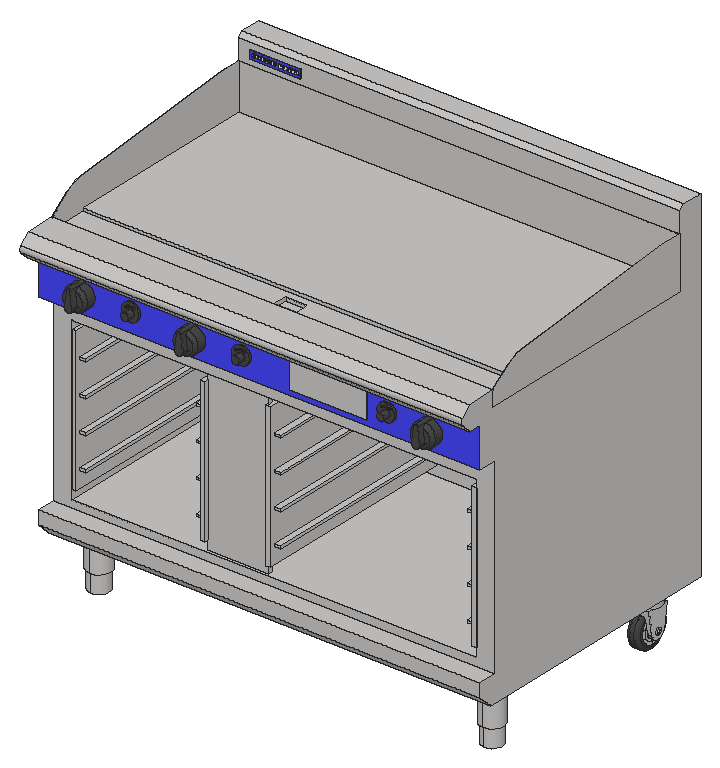
Revit family "QF_MOFFAT_BLUESEAL_CE_GP518-CB", category Specialty Equipment, Revit 2012
Parameters
  Weight in Pounds = 533  # constant formula
  URL Cutsheet = "www.moffat.com"
  URL = "www.moffat.com"
  Type Mark [instance] = ""
  Status [instance] = ""
  Specification by User [instance] = ""
  Specification by Manufacturer = ""
  Show Logo [instance] = yes
  Show Casters [instance] = yes
  Serial Number = ""
  Seismic Rating = ""
  SMACNA No = ""
  Revision Code [instance] = ""
  Omniclass Number and Title = ""
  NAFEM Spec ID Number = ""
  Model = "GP518-CB"
  Mechanical Remarks = ""
  Mechanical Connection Type = ""
  Masterspec = ""
  Manufacturer = "MOFFAT BLUESEAL"
  Legs [instance] = not(Show Casters)  # no
  Item Number [instance] = ""
  Installed By [instance] = ""
  Identify Quantity as Lot [instance] = yes
  Gas Size = 3/4"
  Gas RI Height [instance] = 0.0 mm
  Gas KW = 31
  Gas Input = 105700.0 Btu/h
  Gas Connection Height = 0.0 mm
  Furnished By [instance] = ""
  Foodservice Equipment Identifier [instance] = yes
  Electrical Remarks = ""
  Description = "1200MM GAS GRIDDLE PLATE ON CABINET BASE"
  CSI MasterFormat = ""
  CSI Master Format = ""
  Body Height [instance] = 915.0 mm
  Base Height [instance] = 150.0 mm
Reference planes
  plane 1 "BACK": y = 0
  plane 2: z = 0
  plane 3 "LEFT": x = 0
  plane 4 "RIGHT": x = 1200
  plane 5 "FRONT": y = -812
  plane 6 "TOP": z = 970
  plane 7 "Center Y": x = 600
  plane 8 "Center X": y = -406
  plane 9 "Base Height": z = 150
  plane 10: x = 1134
  plane 11: x = 65
  plane 12: z = 915
  plane 13: z = 1085
  plane 14: y = -100
  plane 15: y = -625
Forms (mm)
  Extrusion 1, solid, material "QF_Finishes_Stainless Steel"
    sketch origin (0, 0, 0) x (0, 1, 0) y (0, 0, 1)
      loop
        line (0, 150) -> (0, 1085) -> (-57.5, 1085) -> (-70, 1072.5) -> (-70, 875) -> (-705, 875) -> (-705, 915) -> (-783.97, 915) -> (-808.485, 890.485)
        arc (-808.485, 890.485) -> (-811.999, 882) -> (-808.485, 873.515) r 12
        line (-808.485, 873.515) -> (-784.97, 850) -> (-749, 850) -> (-749, 740) -> (-135.7, 740) -> (-135.7, 150) -> (0, 150)
      loop
        line (-699, 222.5) -> (-749, 222.5) -> (-749, 186) -> (-713, 150) -> (-699, 150) -> (-699, 222.5)
    from 0 to 1200
  Extrusion 2, solid, material "QF_Finishes_Stainless Steel"
    sketch origin (705, 3, 100) x (1, 0, 0) y (0, 1, 0)
      loop
        circle (365, -35) r 9.525
    from 555 to 599.856
  Revolve 3, solid, material "QF_Finishes_Stainless Steel"
    sketch origin (65, -728, 0) x (0, 1, 0) y (0, 0, 1)
      loop
        line (71.25, 150) -> (71.25, 50) -> (75.5, 50) -> (75.5, 0) -> (103, 0) -> (103, 150) -> (71.25, 150)
      axis (103, 150) -> (103, 0)
    angle from 0 to 360
  Revolve 4, solid, material "QF_Finishes_Stainless Steel"
    sketch origin (1134, -728, 0) x (0, 1, 0) y (0, 0, -1)
      loop
        line (71.25, -150) -> (103, -150) -> (103, 0) -> (75.5, 0) -> (75.5, -50) -> (71.25, -50) -> (71.25, -150)
      axis (103, -150) -> (103, 0)
    angle from 0 to 360
  Extrusion 5, solid, material "QF_Finishes_Stainless Steel"
    sketch origin (0, 0, 0) x (1, 0, 0) y (0, 0, 1)
      loop
        line (0, 740) -> (0, 150) -> (1200, 150) -> (1200, 740) -> (0, 740)
      loop
        line (50, 680) -> (50, 242.5) -> (1150, 242.5) -> (1150, 680) -> (50, 680)
    from 135.7 to 699
  Extrusion 6, void
    sketch origin (0, 0, 150) x (-1, 0, 0) y (0, -1, 0)
      loop
        line (-1133.988, 87.26) -> (-1133.988, -30.24) -> (-1004.488, -30.24) -> (-1004.488, 38.76) -> (-1052.988, 87.26) -> (-1133.988, 87.26)
    from 72.5 to 549.856
  Extrusion 7, solid, material "QF_Finishes_Stainless Steel"
    sketch origin (0, -135.7, 735) x (0, 0, 1) y (-1, 0, 0)
      loop
        line (-55, -578.5) -> (-55, -412.5) -> (-492.5, -412.5) -> (-492.5, -578.5) -> (-55, -578.5)
    from 543.302 to 553.302
  Extrusion 8, solid, material "QF_Finishes_Stainless Steel"
    sketch origin (0, -135.7, 735) x (0, 0, 1) y (-1, 0, 0)
      loop
        line (-240.675, -402.2) -> (-234.325, -402.2) -> (-234.325, -383.2) -> (-240.675, -383.2) -> (-240.675, -402.2)
      loop
        line (-330.675, -402.2) -> (-324.325, -402.2) -> (-324.325, -383.2) -> (-330.675, -383.2) -> (-330.675, -402.2)
      loop
        line (-330.675, -61.8) -> (-330.675, -80.8) -> (-324.325, -80.8) -> (-324.325, -61.8) -> (-330.675, -61.8)
      loop
        line (-234.325, -80.8) -> (-234.325, -61.8) -> (-240.675, -61.8) -> (-240.675, -80.8) -> (-234.325, -80.8)
      loop
        line (-420.675, -402.2) -> (-414.325, -402.2) -> (-414.325, -383.2) -> (-420.675, -383.2) -> (-420.675, -402.2)
      loop
        line (-420.675, -61.8) -> (-420.675, -80.8) -> (-414.325, -80.8) -> (-414.325, -61.8) -> (-420.675, -61.8)
      loop
        line (-150.675, -402.2) -> (-144.325, -402.2) -> (-144.325, -383.2) -> (-150.675, -383.2) -> (-150.675, -402.2)
      loop
        line (-144.325, -80.8) -> (-144.325, -61.8) -> (-150.675, -61.8) -> (-150.675, -80.8) -> (-144.325, -80.8)
      loop
        line (-240.675, -590.3) -> (-240.675, -609.8) -> (-234.325, -609.8) -> (-234.325, -590.3) -> (-240.675, -590.3)
      loop
        line (-330.675, -590.3) -> (-330.675, -609.8) -> (-324.325, -609.8) -> (-324.325, -590.3) -> (-330.675, -590.3)
      loop
        line (-330.675, -1137.5) -> (-324.325, -1137.5) -> (-324.325, -1119.2) -> (-330.675, -1119.2) -> (-330.675, -1137.5)
      loop
        line (-234.325, -1119.2) -> (-240.675, -1119.2) -> (-240.675, -1137.5) -> (-234.325, -1137.5) -> (-234.325, -1119.2)
      loop
        line (-420.675, -590.3) -> (-420.675, -609.8) -> (-414.325, -609.8) -> (-414.325, -590.3) -> (-420.675, -590.3)
      loop
        line (-420.675, -1137.5) -> (-414.325, -1137.5) -> (-414.325, -1119.2) -> (-420.675, -1119.2) -> (-420.675, -1137.5)
      loop
        line (-150.675, -590.3) -> (-150.675, -609.8) -> (-144.325, -609.8) -> (-144.325, -590.3) -> (-150.675, -590.3)
      loop
        line (-144.325, -1119.2) -> (-150.675, -1119.2) -> (-150.675, -1137.5) -> (-144.325, -1137.5) -> (-144.325, -1119.2)
    from 0 to 553.302
  Revolve 9, solid, material "QF_Finishes_Black"
    sketch origin (127.5, 7, 757.8) x (0, 1, 0) y (0, 0, -1)
      loop
        line (-789, -69.5) -> (-766, -69.5) -> (-766, -42) -> (-756, -42) -> (-756, -37) -> (-800, -37) -> (-800, -63.651) -> (-789, -69.5)
      axis (-800, -37) -> (-756, -37)
    angle from 0 to 360
  Extrusion 10, solid, material "QF_Finishes_Black"
    sketch origin (265.77, 0, 757.958) x (-1, 0, 0) y (0, 0, -1)
      loop
        line (127.85, -26.064) -> (133.27, -68.983)
        arc (133.27, -68.983) -> (138.269, -73.87) -> (143.267, -68.983) r 5
        line (143.267, -68.983) -> (148.756, -24.898)
        arc (148.756, -24.898) -> (137.684, -14.399) -> (127.85, -26.064) r 10.487
    from 759 to 808
  Revolve 11, solid, material "QF_Finishes_Black"
    sketch origin (427.5, 7, 757.8) x (0, 1, 0) y (0, 0, -1)
      loop
        line (-789, -69.5) -> (-766, -69.5) -> (-766, -42) -> (-756, -42) -> (-756, -37) -> (-800, -37) -> (-800, -63.651) -> (-789, -69.5)
      axis (-800, -37) -> (-756, -37)
    angle from 0 to 360
  Extrusion 12, solid, material "QF_Finishes_Black"
    sketch origin (565.77, 0, 757.958) x (-1, 0, 0) y (0, 0, -1)
      loop
        line (127.85, -26.064) -> (133.27, -68.983)
        arc (133.27, -68.983) -> (138.269, -73.87) -> (143.267, -68.983) r 5
        line (143.267, -68.983) -> (148.756, -24.898)
        arc (148.756, -24.898) -> (137.684, -14.399) -> (127.85, -26.064) r 10.487
    from 759 to 808
  Revolve 13, solid, material "QF_Finishes_Stainless Steel", visible <- "Legs"
    sketch origin (65.5, -166, 0) x (0, 1, 0) y (0, 0, 1)
      loop
        line (34.25, 150) -> (34.25, 50) -> (38.5, 50) -> (38.5, 0) -> (66, 0) -> (66, 150) -> (34.25, 150)
      axis (66, 150) -> (66, 0)
    angle from 0 to 360
  Revolve 14, solid, material "QF_Finishes_Stainless Steel", visible <- "Show Casters"
    sketch origin (16.276, -100.755, -12.8) x (1, 0, 0) y (0, 0, 1)
      loop
        line (14.841, 63.604) -> (83.584, 63.604) -> (83.584, 67.109) -> (82.314, 68.379) -> (80.79, 68.379) -> (80.79, 71.826) -> (68.644, 71.826) -> (68.644, 81.79) -> (65.088, 83.843) -> (63.738, 92.179) -> (65.881, 92.179) -> (65.881, 98.529) -> (65.088, 98.529) -> (65.088, 104.879)
        arc (65.088, 104.879) -> (62.298, 111.614) -> (55.563, 114.404) r 9.525
        line (55.563, 114.404) -> (42.863, 114.404)
        arc (42.863, 114.404) -> (36.127, 111.614) -> (33.338, 104.879) r 9.525
        line (33.338, 104.879) -> (33.338, 98.529) -> (32.544, 98.529) -> (32.544, 92.179) -> (34.687, 92.179) -> (33.352, 83.932) -> (29.782, 81.871) -> (29.782, 71.826) -> (17.635, 71.826) -> (17.635, 68.379) -> (16.111, 68.379) -> (14.841, 67.109) -> (14.841, 63.604)
      axis (14.841, 63.604) -> (83.584, 63.604)
    angle from 0 to 360
  Extrusion 15, solid, material "QF_Finishes_Stainless Steel", visible <- "Show Casters"
    sketch origin (72.001, 132.353, -8.783) x (0, 1, 0) y (0, 0, 1)
      loop
        line (-200.603, 118.783) -> (-264.103, 118.783) -> (-251.746, 53.895)
        arc (-251.746, 53.895) -> (-232.353, 38.783) -> (-212.959, 53.895) r 20
        line (-212.959, 53.895) -> (-200.603, 118.783)
    from -35.667 to 22.923
  Revolve 16, solid, material "QF_Finishes_Stainless Steel", visible <- "Show Casters"
    sketch origin (65.5, -204, 0) x (0, 1, 0) y (0, 0, 1)
      loop
        line (68.25, 150) -> (68.25, 110) -> (104, 110) -> (104, 150) -> (68.25, 150)
      axis (104, 150) -> (104, 110)
    angle from 0 to 360
  Revolve 17, solid, material "QF_Finishes_Stainless Steel", visible <- "Legs"
    sketch origin (65.5, -166, 0) x (0, 1, 0) y (0, 0, 1)
      loop
        line (34.25, 150) -> (34.25, 50) -> (38.5, 50) -> (38.5, 0) -> (66, 0) -> (66, 150) -> (34.25, 150)
      axis (66, 150) -> (66, 0)
    angle from 0 to 360
  Revolve 18, solid, material "QF_Finishes_Stainless Steel", visible <- "Legs"
    sketch origin (1134.5, -166, 0) x (0, 1, 0) y (0, 0, -1)
      loop
        line (34.25, -150) -> (66, -150) -> (66, 0) -> (38.5, 0) -> (38.5, -50) -> (34.25, -50) -> (34.25, -150)
      axis (66, -150) -> (66, 0)
    angle from 0 to 360
  Revolve 19, solid, material "QF_Finishes_Stainless Steel", visible <- "Show Casters"
    sketch origin (1183.724, -100.755, -12.8) x (-1, 0, 0) y (0, 0, -1)
      loop
        line (14.841, -63.604) -> (14.841, -67.109) -> (16.111, -68.379) -> (17.635, -68.379) -> (17.635, -71.826) -> (29.782, -71.826) -> (29.782, -81.871) -> (33.352, -83.932) -> (34.687, -92.179) -> (32.544, -92.179) -> (32.544, -98.529) -> (33.338, -98.529) -> (33.338, -104.879)
        arc (33.338, -104.879) -> (36.127, -111.614) -> (42.863, -114.404) r 9.525
        line (42.863, -114.404) -> (55.563, -114.404)
        arc (55.563, -114.404) -> (62.298, -111.614) -> (65.088, -104.879) r 9.525
        line (65.088, -104.879) -> (65.088, -98.529) -> (65.881, -98.529) -> (65.881, -92.179) -> (63.738, -92.179) -> (65.088, -83.843) -> (68.644, -81.79) -> (68.644, -71.826) -> (80.79, -71.826) -> (80.79, -68.379) -> (82.314, -68.379) -> (83.584, -67.109) -> (83.584, -63.604) -> (14.841, -63.604)
      axis (14.841, -63.604) -> (83.584, -63.604)
    angle from 0 to 360
  Extrusion 20, solid, material "QF_Finishes_Stainless Steel", visible <- "Show Casters"
    sketch origin (1127.999, 132.353, -8.783) x (0, 1, 0) y (0, 0, -1)
      loop
        line (-200.603, -118.783) -> (-212.959, -53.895)
        arc (-212.959, -53.895) -> (-232.353, -38.783) -> (-251.746, -53.895) r 20
        line (-251.746, -53.895) -> (-264.103, -118.783) -> (-200.603, -118.783)
    from -35.667 to 22.923
  Revolve 21, solid, material "QF_Finishes_Stainless Steel", visible <- "Show Casters"
    sketch origin (1134.5, -204, 0) x (0, 1, 0) y (0, 0, -1)
      loop
        line (68.25, -150) -> (104, -150) -> (104, -110) -> (68.25, -110) -> (68.25, -150)
      axis (104, -150) -> (104, -110)
    angle from 0 to 360
  Revolve 22, solid, material "QF_Finishes_Stainless Steel", visible <- "Legs"
    sketch origin (1134.5, -166, 0) x (0, 1, 0) y (0, 0, -1)
      loop
        line (34.25, -150) -> (66, -150) -> (66, 0) -> (38.5, 0) -> (38.5, -50) -> (34.25, -50) -> (34.25, -150)
      axis (66, -150) -> (66, 0)
    angle from 0 to 360
  Revolve 23, solid, material "QF_Finishes_Black"
    sketch origin (1072.616, 7, 757.8) x (0, 1, 0) y (0, 0, -1)
      loop
        line (-789, -69.5) -> (-766, -69.5) -> (-766, -42) -> (-756, -42) -> (-756, -37) -> (-800, -37) -> (-800, -63.651) -> (-789, -69.5)
      axis (-800, -37) -> (-756, -37)
    angle from 0 to 360
  Extrusion 24, solid, material "QF_Finishes_Black"
    sketch origin (1210.885, 0, 757.958) x (-1, 0, 0) y (0, 0, -1)
      loop
        line (127.85, -26.064) -> (133.27, -68.983)
        arc (133.27, -68.983) -> (138.269, -73.87) -> (143.267, -68.983) r 5
        line (143.267, -68.983) -> (148.756, -24.898)
        arc (148.756, -24.898) -> (137.684, -14.399) -> (127.85, -26.064) r 10.487
    from 759 to 808
  Extrusion 25, solid, material "QF_Finishes_Stainless Steel"
    sketch origin (0, -749, 850) x (0, 0, -1) y (1, 0, 0)
      loop
        line (9.201, 893) -> (9.201, 683) -> (96.1, 683) -> (96.1, 893) -> (9.201, 893)
    from 0 to 1
  Extrusion 26, solid, material "QF_Finishes_Black"
    sketch origin (0, -750, 850) x (0, 0, -1) y (1, 0, 0)
      loop
        line (9.201, 893) -> (9.201, 683) -> (14.201, 683) -> (14.201, 893) -> (9.201, 893)
    from 0 to 10
  Extrusion 27, solid, material "QF_Finishes_Stainless Steel"
    sketch origin (0, -812, 0) x (1, 0, 0) y (0, 0, 1)
      loop
        line (61.8, 657.5) -> (50, 657.5) -> (50, 267.5) -> (61.8, 267.5) -> (61.8, 657.5)
      loop
        line (412.5, 657.5) -> (400.7, 657.5) -> (400.7, 267.5) -> (412.5, 267.5) -> (412.5, 657.5)
      loop
        line (590.3, 657.5) -> (578.5, 657.5) -> (578.5, 267.5) -> (590.3, 267.5) -> (590.3, 657.5)
      loop
        line (1150, 657.5) -> (1138.2, 657.5) -> (1138.2, 267.5) -> (1150, 267.5) -> (1150, 657.5)
    from -113 to -676.3
  Extrusion 28, solid, material "QF_Finishes_Black"
    sketch origin (17.5, -749, 864.095) x (0, 0, -1) y (1, 0, 0)
      loop
        circle (70, 235) r 24
      loop
        arc (60.1, 249.913) -> (52.064, 235.125) -> (59.882, 220.219) r 17.868
        arc (59.882, 220.219) -> (60.362, 219.934) -> (60.877, 220.149) r 0.621
        arc (60.877, 220.149) -> (62.314, 222.708) -> (62.658, 225.622) r 7.495
        arc (62.658, 225.622) -> (62.454, 226.55) -> (62.006, 227.388) r 3.472
        arc (62.006, 227.388) -> (59.714, 234.851) -> (61.844, 242.362) r 13.786
        arc (61.844, 242.362) -> (62.484, 243.632) -> (62.749, 245.028) r 5.101
        arc (62.749, 245.028) -> (62.378, 247.547) -> (61.084, 249.739) r 6.611
        arc (61.084, 249.739) -> (60.622, 249.997) -> (60.1, 249.913) r 0.806
    from 0 to 5
  Extrusion 29, solid, material "QF_Finishes_Black"
    sketch origin (17.5, -754, 864.095) x (0, 0, -1) y (1, 0, 0)
      loop
        circle (73.5, 235) r 10
    from 0 to 18.251
  Extrusion 30, solid, material "QF_Finishes_Black"
    sketch origin (318.125, -749, 864.095) x (0, 0, -1) y (1, 0, 0)
      loop
        circle (70, 235) r 24
      loop
        arc (60.1, 249.913) -> (52.064, 235.125) -> (59.882, 220.219) r 17.868
        arc (59.882, 220.219) -> (60.362, 219.934) -> (60.877, 220.149) r 0.621
        arc (60.877, 220.149) -> (62.314, 222.708) -> (62.658, 225.622) r 7.495
        arc (62.658, 225.622) -> (62.454, 226.55) -> (62.006, 227.388) r 3.472
        arc (62.006, 227.388) -> (59.714, 234.851) -> (61.844, 242.362) r 13.786
        arc (61.844, 242.362) -> (62.484, 243.632) -> (62.749, 245.028) r 5.101
        arc (62.749, 245.028) -> (62.378, 247.547) -> (61.084, 249.739) r 6.611
        arc (61.084, 249.739) -> (60.622, 249.997) -> (60.1, 249.913) r 0.806
    from 0 to 5
  Extrusion 31, solid, material "QF_Finishes_Black"
    sketch origin (318.125, -754, 864.095) x (0, 0, -1) y (1, 0, 0)
      loop
        circle (73.5, 235) r 10
    from 0 to 18.251
  Extrusion 32, solid, material "QF_Finishes_Black"
    sketch origin (713.125, -749, 864.095) x (0, 0, -1) y (1, 0, 0)
      loop
        circle (70, 235) r 24
      loop
        arc (60.1, 249.913) -> (52.064, 235.125) -> (59.882, 220.219) r 17.868
        arc (59.882, 220.219) -> (60.362, 219.934) -> (60.877, 220.149) r 0.621
        arc (60.877, 220.149) -> (62.314, 222.708) -> (62.658, 225.622) r 7.495
        arc (62.658, 225.622) -> (62.454, 226.55) -> (62.006, 227.388) r 3.472
        arc (62.006, 227.388) -> (59.714, 234.851) -> (61.844, 242.362) r 13.786
        arc (61.844, 242.362) -> (62.484, 243.632) -> (62.749, 245.028) r 5.101
        arc (62.749, 245.028) -> (62.378, 247.547) -> (61.084, 249.739) r 6.611
        arc (61.084, 249.739) -> (60.622, 249.997) -> (60.1, 249.913) r 0.806
    from 0 to 5
  Extrusion 33, solid, material "QF_Finishes_Black"
    sketch origin (713.125, -754, 864.095) x (0, 0, -1) y (1, 0, 0)
      loop
        circle (73.5, 235) r 10
    from 0 to 18.251
Cuts and joins
  Extrusion 6 cuts Extrusion 1
  joined: Extrusion 1, Extrusion 5
Lines and regions (mm)
  Split face 1
    outline origin (1200, 0, 1085) x (-1, 0, 0) y (0, -1, 0)
      loop
        arc (1167.206, 18.385) -> (1175.866, 23.385) -> (1175.866, 33.385) r 10
        line (1175.866, 33.385) -> (1171.824, 40.385)
        arc (1171.824, 40.385) -> (1168.164, 44.045) -> (1163.164, 45.385) r 10
        line (1163.164, 45.385) -> (935.206, 45.385)
        arc (935.206, 45.385) -> (926.545, 40.385) -> (926.545, 30.385) r 10
        line (926.545, 30.385) -> (930.587, 23.385)
        arc (930.587, 23.385) -> (934.247, 19.725) -> (939.247, 18.385) r 10
        line (939.247, 18.385) -> (1167.206, 18.385)
  Split face 2
    outline origin (1200, 0, 1085) x (-1, 0, 0) y (0, -1, 0)
      loop
        arc (35.206, 45.385) -> (26.545, 40.385) -> (26.545, 30.385) r 10
        line (26.545, 30.385) -> (30.587, 23.385)
        arc (30.587, 23.385) -> (34.247, 19.725) -> (39.247, 18.385) r 10
        line (39.247, 18.385) -> (267.206, 18.385)
        arc (267.206, 18.385) -> (275.866, 23.385) -> (275.866, 33.385) r 10
        line (275.866, 33.385) -> (271.824, 40.385)
        arc (271.824, 40.385) -> (268.164, 44.045) -> (263.164, 45.385) r 10
        line (263.164, 45.385) -> (35.206, 45.385)
  Split face 3
    outline origin (1200, 0, 1085) x (-1, 0, 0) y (0, -1, 0)
      loop
        arc (335.206, 45.385) -> (326.545, 40.385) -> (326.545, 30.385) r 10
        line (326.545, 30.385) -> (330.587, 23.385)
        arc (330.587, 23.385) -> (334.247, 19.725) -> (339.247, 18.385) r 10
        line (339.247, 18.385) -> (567.206, 18.385)
        arc (567.206, 18.385) -> (575.866, 23.385) -> (575.866, 33.385) r 10
        line (575.866, 33.385) -> (571.824, 40.385)
        arc (571.824, 40.385) -> (568.164, 44.045) -> (563.164, 45.385) r 10
        line (563.164, 45.385) -> (335.206, 45.385)
  Split face 4
    outline origin (1200, 0, 1085) x (-1, 0, 0) y (0, -1, 0)
      loop
        arc (867.206, 18.385) -> (875.866, 23.385) -> (875.866, 33.385) r 10
        line (875.866, 33.385) -> (871.824, 40.385)
        arc (871.824, 40.385) -> (868.164, 44.045) -> (863.164, 45.385) r 10
        line (863.164, 45.385) -> (635.206, 45.385)
        arc (635.206, 45.385) -> (626.545, 40.385) -> (626.545, 30.385) r 10
        line (626.545, 30.385) -> (630.587, 23.385)
        arc (630.587, 23.385) -> (634.247, 19.725) -> (639.247, 18.385) r 10
        line (639.247, 18.385) -> (867.206, 18.385)
  symbolic lines
    curve 1: line (1200, -812, 0) -> (1200, 0, 0)
    curve 2: line (0, -812, 0) -> (1200, -812, 0)
    curve 3: line (0, 0, 0) -> (0, -812, 0)
    curve 12: line (632.794, -18.385, 0) -> (860.753, -18.385, 0)
    curve 13: line (560.753, -18.385, 0) -> (332.794, -18.385, 0)
    curve 14: arc (332.794, -18.385, 0) -> (324.134, -23.385, 0) -> (324.134, -33.385, 0) r 10
    curve 15: line (324.134, -33.385, 0) -> (328.176, -40.385, 0)
    curve 16: arc (328.176, -40.385, 0) -> (331.836, -44.045, 0) -> (336.836, -45.385, 0) r 10
    curve 17: line (336.836, -45.385, 0) -> (564.794, -45.385, 0)
    curve 18: arc (564.794, -45.385, 0) -> (573.455, -40.385, 0) -> (573.455, -30.385, 0) r 10
    curve 19: line (573.455, -30.385, 0) -> (569.413, -23.385, 0)
    curve 20: arc (569.413, -23.385, 0) -> (565.753, -19.725, 0) -> (560.753, -18.385, 0) r 10
    curve 21: line (32.794, -18.385, 0) -> (260.753, -18.385, 0)
    curve 22: arc (260.753, -18.385, 0) -> (265.753, -19.725, 0) -> (269.413, -23.385, 0) r 10
    curve 23: line (269.413, -23.385, 0) -> (273.455, -30.385, 0)
    curve 24: arc (273.455, -30.385, 0) -> (273.455, -40.385, 0) -> (264.794, -45.385, 0) r 10
    curve 25: line (264.794, -45.385, 0) -> (36.836, -45.385, 0)
    curve 26: arc (36.836, -45.385, 0) -> (31.836, -44.045, 0) -> (28.176, -40.385, 0) r 10
    curve 27: line (28.176, -40.385, 0) -> (24.134, -33.385, 0)
    curve 28: arc (24.134, -33.385, 0) -> (24.134, -23.385, 0) -> (32.794, -18.385, 0) r 10
    curve 29: line (932.794, -18.385, 0) -> (1160.753, -18.385, 0)
    curve 30: arc (1160.753, -18.385, 0) -> (1165.753, -19.725, 0) -> (1169.413, -23.385, 0) r 10
    curve 31: line (1169.413, -23.385, 0) -> (1173.455, -30.385, 0)
    curve 32: arc (1173.455, -30.385, 0) -> (1173.455, -40.385, 0) -> (1164.794, -45.385, 0) r 10
    curve 33: line (1164.794, -45.385, 0) -> (936.836, -45.385, 0)
    curve 34: arc (936.836, -45.385, 0) -> (931.836, -44.045, 0) -> (928.176, -40.385, 0) r 10
    curve 35: line (928.176, -40.385, 0) -> (924.134, -33.385, 0)
    curve 36: arc (924.134, -33.385, 0) -> (924.134, -23.385, 0) -> (932.794, -18.385, 0) r 10
    curve 37: line (636.836, -45.385, 0) -> (864.794, -45.385, 0)
    curve 38: arc (864.794, -45.385, 0) -> (873.455, -40.385, 0) -> (873.455, -30.385, 0) r 10
    curve 39: line (873.455, -30.385, 0) -> (869.413, -23.385, 0)
    curve 40: arc (869.413, -23.385, 0) -> (865.753, -19.725, 0) -> (860.753, -18.385, 0) r 10
    curve 41: line (860.753, -18.385, 0) -> (632.794, -18.385, 0)
    curve 42: arc (632.794, -18.385, 0) -> (624.134, -23.385, 0) -> (624.134, -33.385, 0) r 10
    curve 43: line (624.134, -33.385, 0) -> (628.176, -40.385, 0)
    curve 44: arc (628.176, -40.385, 0) -> (631.836, -44.045, 0) -> (636.836, -45.385, 0) r 10
    curve 45: line (0, 0, 0) -> (1200, 0, 0)
    curve 46: line (0, -783.97, 0) -> (1200, -783.97, 0)
    curve 47: line (-1, -705, 0) -> (1199, -705, 0)
    curve 48: line (0, -70, 0) -> (1200, -70, 0)
    curve 49: line (0, -57.5, 0) -> (1200, -57.5, 0)
  symbolic lines, style "SpecialityEquipmentHiddenLines", visible <- "Show Casters"
    curve 4: line (78.456, -46.735, 0) -> (105.952, -62.61, 0)
    curve 5: line (27.656, -134.723, 0) -> (78.456, -46.735, 0)
    curve 6: line (55.152, -150.598, 0) -> (27.656, -134.723, 0)
    curve 7: line (105.952, -62.61, 0) -> (55.152, -150.598, 0)
    curve 8: line (1148.456, -46.735, 0) -> (1175.952, -62.61, 0)
    curve 9: line (1097.656, -134.723, 0) -> (1148.456, -46.735, 0)
    curve 10: line (1125.152, -150.598, 0) -> (1097.656, -134.723, 0)
    curve 11: line (1175.952, -62.61, 0) -> (1125.152, -150.598, 0)
Dimensions and locks
  equal spacing: plane 3 "LEFT", plane 7 "Center Y", plane 4 "RIGHT"
  plane 3 "LEFT" to plane 4 "RIGHT" = 1200.0 mm
  equal spacing: plane 5 "FRONT", plane 8 "Center X", plane 1 "BACK"
  plane 5 "FRONT" to plane 1 "BACK" = 812.0 mm
  "Base Height": plane 9 "Base Height" to level
  plane 6 "TOP" to level = 970.0 mm
  plane 10 to plane 11 = 1069.0 mm
  level to Extrusion 2 = 655.0 mm
  Extrusion 6 to Extrusion 6 = 477.356 mm
  plane 13 to plane 2 = 1085.0 mm
  Extrusion 2 sketch curve to plane 1 "BACK" = 32.0 mm
  Revolve 14 sketch curve to Revolve 14 sketch curve = 50.8 mm
  Revolve 19 sketch curve to Revolve 19 sketch curve = 50.8 mm
  aligned and locked: level to plane 2
Automatic sketch dimensions
  curve 2 to plane 3 "LEFT" = 0.0 mm
  curve 2 to plane 4 "RIGHT" = 0.0 mm
  plane 5 "FRONT" to curve 3 = 0.0 mm
  plane 1 "BACK" to curve 3 = 0.0 mm
  curve 47 to plane 3 "LEFT" = 1.0 mm
  plane 3 "LEFT" to curve 27 = 24.134 mm
  plane 3 "LEFT" to curve 5 = 27.656 mm
  curve 28 to curve 27 = 4.041 mm
  curve 28 to curve 28 = 8.66 mm
  curve 26 to curve 25 = 8.66 mm
  curve 7 to plane 11 = 9.848 mm
  plane 11 to curve 4 = 13.456 mm
  plane 1 "BACK" to curve 22 = 28.385 mm
  curve 4 to curve 22 = 154.801 mm
  curve 22 to curve 25 = 4.041 mm
  plane 1 "BACK" to curve 23 = 23.385 mm
  curve 22 to curve 23 = 8.66 mm
  plane 1 "BACK" to curve 23 = 30.385 mm
  curve 22 to curve 23 = 4.041 mm
  curve 23 to curve 14 = 50.679 mm
  plane 1 "BACK" to curve 15 = 40.385 mm
  curve 15 to curve 15 = 4.041 mm
  curve 14 to curve 13 = 8.66 mm
  curve 15 to curve 17 = 8.66 mm
  curve 20 to plane 7 "Center Y" = 39.247 mm
  curve 20 to curve 17 = 4.041 mm
  curve 20 to curve 19 = 8.66 mm
  curve 19 to curve 18 = 4.041 mm
  plane 7 "Center Y" to curve 42 = 24.134 mm
  curve 42 to curve 44 = 4.041 mm
  curve 43 to curve 42 = 8.66 mm
  curve 44 to curve 37 = 8.66 mm
  plane 1 "BACK" to curve 40 = 18.385 mm
  curve 44 to curve 40 = 223.917 mm
  curve 40 to curve 38 = 4.041 mm
  curve 40 to curve 40 = 8.66 mm
  curve 39 to curve 38 = 4.041 mm
  plane 1 "BACK" to curve 35 = 33.385 mm
  curve 39 to curve 35 = 50.679 mm
  plane 1 "BACK" to curve 35 = 40.385 mm
  curve 36 to curve 35 = 4.041 mm
  curve 36 to curve 36 = 8.66 mm
  curve 36 to curve 34 = 4.041 mm
  curve 10 to plane 10 = 36.344 mm
  curve 11 to plane 10 = 8.848 mm
  plane 10 to curve 8 = 14.456 mm
  plane 10 to curve 29 = 26.753 mm
  curve 8 to curve 33 = 16.339 mm
  curve 29 to curve 30 = 8.66 mm
  curve 31 to curve 31 = 4.041 mm
  plane 4 "RIGHT" to curve 47 = 1.0 mm
  curve 46 to plane 5 "FRONT" = 28.03 mm
  curve 46 to curve 47 = 78.97 mm
  plane 14 to curve 7 = 50.598 mm
  plane 14 to curve 10 = 50.598 mm
  curve 10 to curve 10 = 15.875 mm
  curve 6 to curve 5 = 15.875 mm
  curve 48 to plane 14 = 30.0 mm
  curve 48 to curve 49 = 12.5 mm
  curve 37 to curve 12 = 27.0 mm
  curve 25 to curve 21 = 27.0 mm
  curve 16 to curve 15 = 5.0 mm
  curve 34 to curve 34 = 5.0 mm
  curve 25 to curve 27 = 5.0 mm
  curve 37 to curve 44 = 5.0 mm
  curve 33 to curve 32 = 10.0 mm
  curve 17 to curve 18 = 10.0 mm
  curve 37 to curve 38 = 10.0 mm
  curve 26 to curve 27 = 7.0 mm
  curve 16 to curve 14 = 7.0 mm  (x2)
  curve 43 to curve 43 = 7.0 mm
  curve 38 to curve 40 = 7.0 mm
  curve 18 to curve 20 = 7.0 mm
  curve 34 to curve 36 = 7.0 mm
  curve 32 to curve 30 = 7.0 mm
  Extrusion 1 sketch curve to plane 12 = 0.0 mm
  Extrusion 1 sketch curve to plane 9 "Base Height" = 0.0 mm  (x2)
  Extrusion 1 sketch curve to plane 13 = 0.0 mm
  Extrusion 1 sketch curve to plane 1 "BACK" = 0.0 mm
  Extrusion 1 sketch curve to plane 14 = 42.5 mm
  Extrusion 1 sketch curve to plane 13 = 12.5 mm
  Extrusion 1 sketch curve to Extrusion 1 sketch curve = 12.5 mm
  plane 14 to Extrusion 1 sketch curve = 35.7 mm
  plane 15 to Extrusion 1 sketch curve = 74.0 mm
  Extrusion 1 sketch curve to plane 12 = 40.0 mm
  plane 15 to Extrusion 1 sketch curve = 80.0 mm
  Extrusion 1 sketch curve to Extrusion 1 sketch curve = 14.0 mm
  Extrusion 1 sketch curve to plane 5 "FRONT" = 63.0 mm
  Extrusion 1 sketch curve to Extrusion 1 sketch curve = 50.0 mm
  Extrusion 1 sketch curve to plane 5 "FRONT" = 28.03 mm
  Extrusion 1 sketch curve to plane 5 "FRONT" = 27.03 mm
  Extrusion 1 sketch curve to plane 5 "FRONT" = 12.001 mm
  Extrusion 1 sketch curve to plane 5 "FRONT" = 3.515 mm  (x2)
  plane 9 "Base Height" to Extrusion 1 sketch curve = 36.0 mm
  Extrusion 1 sketch curve to Extrusion 1 sketch curve = 36.5 mm
  Extrusion 1 sketch curve to Extrusion 1 sketch curve = 135.0 mm
  Extrusion 1 sketch curve to Extrusion 1 sketch curve = 25.0 mm
  Extrusion 1 sketch curve to Extrusion 1 sketch curve = 23.515 mm
  Extrusion 1 sketch curve to Extrusion 1 sketch curve = 8.485 mm
  Extrusion 2 sketch curve to plane 10 = 64.0 mm
  Revolve 3 sketch curve to plane 9 "Base Height" = 0.0 mm
  Revolve 3 sketch curve to level = 0.0 mm
  Revolve 3 sketch curve to plane 15 = 0.0 mm  (x2)
  plane 15 to Revolve 3 sketch curve = 27.5 mm
  plane 15 to Revolve 3 sketch curve = 31.75 mm
  Revolve 3 sketch curve to Revolve 3 sketch curve = 55.0 mm
  level to Revolve 3 sketch curve = 50.0 mm
  Revolve 3 sketch curve to Revolve 3 sketch curve = 0.0 mm
  Revolve 4 sketch curve to plane 9 "Base Height" = 0.0 mm
  Revolve 4 sketch curve to level = 0.0 mm
  Revolve 4 sketch curve to plane 15 = 0.0 mm  (x2)
  plane 15 to Revolve 4 sketch curve = 27.5 mm
  plane 15 to Revolve 4 sketch curve = 31.75 mm
  level to Revolve 4 sketch curve = 50.0 mm
  Revolve 4 sketch curve to Revolve 4 sketch curve = 0.0 mm
  Revolve 4 sketch curve to Revolve 4 sketch curve = 55.0 mm
  Extrusion 5 sketch curve to plane 3 "LEFT" = 0.0 mm
  plane 4 "RIGHT" to Extrusion 5 sketch curve = 0.0 mm
  Extrusion 5 sketch curve to plane 9 "Base Height" = 0.0 mm
  Extrusion 5 sketch curve to plane 11 = 15.0 mm
  plane 10 to Extrusion 5 sketch curve = 16.0 mm
  plane 9 "Base Height" to Extrusion 5 sketch curve = 92.5 mm
  Extrusion 5 sketch curve to plane 12 = 235.0 mm
  Extrusion 5 sketch curve to Extrusion 5 sketch curve = 60.0 mm
  Extrusion 6 sketch curve to plane 10 = 0.012 mm
  Extrusion 6 sketch curve to plane 14 = 12.74 mm
  Extrusion 6 sketch curve to Extrusion 6 sketch curve = 81.0 mm
  Extrusion 6 sketch curve to Extrusion 6 sketch curve = 48.5 mm
  plane 1 "BACK" to Extrusion 6 sketch curve = 38.76 mm
  Extrusion 6 sketch curve to plane 1 "BACK" = 30.24 mm
  Extrusion 7 sketch curve to Extrusion 1 = 92.5 mm
  Extrusion 1 to Extrusion 7 sketch curve = 60.0 mm
  Extrusion 1 to Extrusion 7 sketch curve = 578.5 mm
  Extrusion 7 sketch curve to Extrusion 7 sketch curve = 166.0 mm
  Extrusion 1 to Extrusion 8 sketch curve = 80.8 mm  (x2)
  Extrusion 8 sketch curve to Extrusion 1 = 164.325 mm  (x3)
  Extrusion 8 sketch curve to Extrusion 8 sketch curve = 0.0 mm  (x9)
  Extrusion 1 to Extrusion 8 sketch curve = 62.5 mm  (x4)
  Extrusion 8 sketch curve to Extrusion 8 sketch curve = 6.35 mm  (x16)
  Extrusion 8 sketch curve to Extrusion 8 sketch curve = 83.65 mm  (x12)
  Extrusion 8 sketch curve to Extrusion 8 sketch curve = 18.3 mm  (x4)
  Extrusion 8 sketch curve to Extrusion 8 sketch curve = 509.4 mm
  Extrusion 8 sketch curve to Extrusion 8 sketch curve = 19.5 mm  (x4)
  Extrusion 8 sketch curve to Extrusion 8 sketch curve = 188.1 mm
  Extrusion 8 sketch curve to Extrusion 8 sketch curve = 19.0 mm  (x8)
  Revolve 9 sketch curve to plane 5 "FRONT" = 19.0 mm
  Revolve 9 sketch curve to Revolve 9 sketch curve = 0.0 mm  (x2)
  Revolve 9 sketch curve to Revolve 9 sketch curve = 11.0 mm
  Revolve 9 sketch curve to Revolve 9 sketch curve = 12.7 mm
  Revolve 9 sketch curve to Revolve 9 sketch curve = 23.0 mm
  Revolve 9 sketch curve to Revolve 9 sketch curve = 10.0 mm
  Revolve 9 sketch curve to plane 12 = 87.7 mm
  Revolve 9 sketch curve to Revolve 9 sketch curve = 5.849 mm
  Revolve 9 sketch curve to Revolve 9 sketch curve = 27.5 mm
  Revolve 9 sketch curve to Revolve 9 sketch curve = 5.0 mm
  Extrusion 10 sketch curve to plane 7 "Center Y" = 462.08 mm
  Extrusion 10 sketch curve to Extrusion 10 sketch curve = 5.421 mm
  Extrusion 10 sketch curve to Extrusion 10 sketch curve = 10.419 mm
  Extrusion 10 sketch curve to Extrusion 10 sketch curve = 4.999 mm  (x2)
  Extrusion 10 sketch curve to plane 12 = 88.059 mm
  Extrusion 10 sketch curve to Extrusion 10 sketch curve = 10.487 mm
  Extrusion 10 sketch curve to Extrusion 10 sketch curve = 0.113 mm
  Extrusion 10 sketch curve to Extrusion 10 sketch curve = 42.919 mm
  Extrusion 10 sketch curve to Extrusion 10 sketch curve = 1.167 mm
  Revolve 11 sketch curve to plane 5 "FRONT" = 19.0 mm
  Revolve 11 sketch curve to Revolve 11 sketch curve = 0.0 mm  (x2)
  Revolve 11 sketch curve to Revolve 11 sketch curve = 11.0 mm
  Revolve 11 sketch curve to Revolve 11 sketch curve = 12.7 mm
  Revolve 11 sketch curve to Revolve 11 sketch curve = 23.0 mm
  Revolve 11 sketch curve to Revolve 11 sketch curve = 10.0 mm
  Revolve 11 sketch curve to plane 12 = 87.7 mm
  Revolve 11 sketch curve to Revolve 11 sketch curve = 5.849 mm
  Revolve 11 sketch curve to Revolve 11 sketch curve = 27.5 mm
  Revolve 11 sketch curve to Revolve 11 sketch curve = 5.0 mm
  Extrusion 12 sketch curve to plane 7 "Center Y" = 162.08 mm
  Extrusion 12 sketch curve to Extrusion 12 sketch curve = 5.421 mm
  Extrusion 12 sketch curve to Extrusion 12 sketch curve = 10.419 mm
  Extrusion 12 sketch curve to Extrusion 12 sketch curve = 4.999 mm  (x2)
  Extrusion 12 sketch curve to Extrusion 12 sketch curve = 10.487 mm
  Extrusion 12 sketch curve to plane 12 = 88.059 mm
  Extrusion 12 sketch curve to Extrusion 12 sketch curve = 0.113 mm
  Extrusion 12 sketch curve to Extrusion 12 sketch curve = 42.919 mm
  Extrusion 12 sketch curve to Extrusion 12 sketch curve = 1.167 mm
  Split face 1 sketch curve to cut or joined group of Extrusion 1, Extrusion 5, Extrusion 6 = 27.115 mm
  Split face 1 sketch curve to cut or joined group of Extrusion 1, Extrusion 5, Extrusion 6 = 273.455 mm
  Split face 1 sketch curve to Split face 1 sketch curve = 4.041 mm  (x4)
  Split face 1 sketch curve to Split face 1 sketch curve = 8.66 mm  (x2)
  Split face 1 sketch curve to cut or joined group of Extrusion 1, Extrusion 5, Extrusion 6 = 12.115 mm
  Split face 1 sketch curve to cut or joined group of Extrusion 1, Extrusion 5, Extrusion 6 = 36.836 mm
  Split face 1 sketch curve to Split face 1 sketch curve = 7.0 mm  (x3)
  Split face 1 sketch curve to Split face 1 sketch curve = 17.0 mm
  Split face 2 sketch curve to cut or joined group of Extrusion 1, Extrusion 5, Extrusion 6 = 26.545 mm
  Split face 2 sketch curve to Split face 2 sketch curve = 4.041 mm  (x4)
  Split face 2 sketch curve to Split face 2 sketch curve = 8.66 mm  (x2)
  Split face 2 sketch curve to cut or joined group of Extrusion 1, Extrusion 5, Extrusion 6 = 22.115 mm
  Split face 2 sketch curve to Split face 2 sketch curve = 223.917 mm
  Split face 2 sketch curve to cut or joined group of Extrusion 1, Extrusion 5, Extrusion 6 = 17.115 mm
  Split face 2 sketch curve to Split face 2 sketch curve = 10.0 mm
  Split face 2 sketch curve to Split face 2 sketch curve = 7.0 mm  (x3)
  Split face 3 sketch curve to cut or joined group of Extrusion 1, Extrusion 5, Extrusion 6 = 27.115 mm
  Split face 3 sketch curve to cut or joined group of Extrusion 1, Extrusion 5, Extrusion 6 = 326.545 mm
  Split face 3 sketch curve to cut or joined group of Extrusion 1, Extrusion 5, Extrusion 6 = 23.385 mm
  Split face 3 sketch curve to Split face 3 sketch curve = 4.041 mm  (x3)
  Split face 3 sketch curve to Split face 3 sketch curve = 8.66 mm  (x3)
  Split face 3 sketch curve to cut or joined group of Extrusion 1, Extrusion 5, Extrusion 6 = 12.115 mm
  Split face 3 sketch curve to Split face 3 sketch curve = 223.917 mm
  Split face 3 sketch curve to cut or joined group of Extrusion 1, Extrusion 5, Extrusion 6 = 17.115 mm
  Split face 3 sketch curve to cut or joined group of Extrusion 1, Extrusion 5, Extrusion 6 = 24.115 mm
  Split face 3 sketch curve to Split face 3 sketch curve = 5.0 mm
  Split face 4 sketch curve to cut or joined group of Extrusion 1, Extrusion 5, Extrusion 6 = 27.115 mm
  Split face 4 sketch curve to cut or joined group of Extrusion 1, Extrusion 5, Extrusion 6 = 573.455 mm
  Split face 4 sketch curve to Split face 4 sketch curve = 4.041 mm  (x4)
  Split face 4 sketch curve to Split face 4 sketch curve = 8.66 mm  (x2)
  Split face 4 sketch curve to cut or joined group of Extrusion 1, Extrusion 5, Extrusion 6 = 12.115 mm
  Split face 4 sketch curve to Split face 4 sketch curve = 223.917 mm
  Split face 4 sketch curve to Split face 4 sketch curve = 7.0 mm  (x3)
  Split face 4 sketch curve to Split face 4 sketch curve = 17.0 mm
  Revolve 13 sketch curve to plane 9 "Base Height" = 0.0 mm
  Revolve 13 sketch curve to level = 0.0 mm
  Revolve 13 sketch curve to plane 14 = 0.0 mm  (x2)
  Revolve 13 sketch curve to Revolve 13 sketch curve = 27.5 mm
  Revolve 13 sketch curve to Revolve 13 sketch curve = 31.75 mm
  Revolve 13 sketch curve to Revolve 13 sketch curve = 55.0 mm
  level to Revolve 13 sketch curve = 50.0 mm
  Revolve 13 sketch curve to Revolve 13 sketch curve = 0.0 mm
  plane 3 "LEFT" to Revolve 14 sketch curve = 31.118 mm
  Revolve 14 sketch curve to Revolve 14 sketch curve = 1.27 mm  (x4)
  Revolve 14 sketch curve to Revolve 14 sketch curve = 1.524 mm  (x2)
  Revolve 14 sketch curve to Revolve 14 sketch curve = 12.146 mm  (x2)
  Revolve 14 sketch curve to plane 11 = 16.18 mm
  Revolve 14 sketch curve to Revolve 14 sketch curve = 0.794 mm  (x2)
  Revolve 14 sketch curve to Revolve 14 sketch curve = 3.57 mm
  Revolve 14 sketch curve to Revolve 14 sketch curve = 2.143 mm
  Revolve 14 sketch curve to plane 11 = 5.861 mm
  plane 11 to Revolve 14 sketch curve = 5.63 mm
  plane 11 to Revolve 14 sketch curve = 6.839 mm
  plane 11 to Revolve 14 sketch curve = 15.015 mm
  Revolve 14 sketch curve to Revolve 14 sketch curve = 1.349 mm  (x2)
  Revolve 14 sketch curve to Revolve 14 sketch curve = 3.556 mm
  Revolve 14 sketch curve to Revolve 14 sketch curve = 33.32 mm
  level to Revolve 14 sketch curve = 50.804 mm
  Revolve 14 sketch curve to Revolve 14 sketch curve = 0.0 mm
  Revolve 14 sketch curve to Revolve 14 sketch curve = 3.505 mm  (x2)
  Revolve 14 sketch curve to Revolve 14 sketch curve = 3.447 mm  (x2)
  Revolve 14 sketch curve to Revolve 14 sketch curve = 9.964 mm
  Revolve 14 sketch curve to Revolve 14 sketch curve = 10.045 mm
  Revolve 14 sketch curve to Revolve 14 sketch curve = 2.053 mm
  Revolve 14 sketch curve to Revolve 14 sketch curve = 2.061 mm
  Revolve 14 sketch curve to Revolve 14 sketch curve = 8.247 mm
  Revolve 14 sketch curve to Revolve 14 sketch curve = 8.336 mm
  Revolve 14 sketch curve to Revolve 14 sketch curve = 6.35 mm  (x2)
  Extrusion 15 sketch curve to plane 14 = 0.0 mm
  plane 14 to Extrusion 15 sketch curve = 19.393 mm
  plane 14 to Extrusion 15 sketch curve = 31.75 mm
  Extrusion 15 sketch curve to plane 14 = 19.393 mm
  Extrusion 15 sketch curve to plane 14 = 31.75 mm
  level to Extrusion 15 sketch curve = 45.111 mm
  Extrusion 15 sketch curve to Extrusion 15 sketch curve = 4.889 mm
  Extrusion 15 sketch curve to plane 9 "Base Height" = 40.0 mm
  Revolve 16 sketch curve to plane 9 "Base Height" = 0.0 mm
  Revolve 16 sketch curve to plane 14 = 0.0 mm  (x2)
  plane 14 to Revolve 16 sketch curve = 35.75 mm
  Revolve 16 sketch curve to plane 9 "Base Height" = 40.0 mm
  level to Revolve 16 sketch curve = 50.0 mm
  Revolve 16 sketch curve to level = 55.0 mm
  Revolve 17 sketch curve to plane 9 "Base Height" = 0.0 mm
  Revolve 17 sketch curve to level = 0.0 mm
  Revolve 17 sketch curve to plane 14 = 0.0 mm  (x2)
  Revolve 17 sketch curve to Revolve 17 sketch curve = 27.5 mm
  Revolve 17 sketch curve to Revolve 17 sketch curve = 31.75 mm
  Revolve 17 sketch curve to Revolve 17 sketch curve = 55.0 mm
  level to Revolve 17 sketch curve = 50.0 mm
  Revolve 17 sketch curve to Revolve 17 sketch curve = 0.0 mm
  Revolve 18 sketch curve to plane 9 "Base Height" = 0.0 mm
  Revolve 18 sketch curve to level = 0.0 mm
  Revolve 18 sketch curve to plane 14 = 0.0 mm  (x2)
  Revolve 18 sketch curve to Revolve 18 sketch curve = 27.5 mm
  Revolve 18 sketch curve to Revolve 18 sketch curve = 31.75 mm
  level to Revolve 18 sketch curve = 50.0 mm
  Revolve 18 sketch curve to Revolve 18 sketch curve = 0.0 mm
  Revolve 18 sketch curve to Revolve 18 sketch curve = 55.0 mm
  plane 4 "RIGHT" to Revolve 19 sketch curve = 31.118 mm
  Revolve 19 sketch curve to Revolve 19 sketch curve = 1.27 mm  (x4)
  Revolve 19 sketch curve to Revolve 19 sketch curve = 1.524 mm  (x2)
  Revolve 19 sketch curve to Revolve 19 sketch curve = 12.146 mm  (x2)
  Revolve 19 sketch curve to Revolve 19 sketch curve = 2.762 mm
  Revolve 19 sketch curve to Revolve 19 sketch curve = 0.794 mm  (x2)
  Revolve 19 sketch curve to Revolve 19 sketch curve = 3.57 mm
  Revolve 19 sketch curve to Revolve 19 sketch curve = 2.143 mm
  plane 10 to Revolve 19 sketch curve = 6.861 mm
  Revolve 19 sketch curve to plane 10 = 4.63 mm
  Revolve 19 sketch curve to plane 10 = 5.839 mm
  Revolve 19 sketch curve to plane 10 = 14.015 mm
  Revolve 19 sketch curve to Revolve 19 sketch curve = 1.349 mm  (x2)
  Revolve 19 sketch curve to Revolve 19 sketch curve = 3.556 mm
  Revolve 19 sketch curve to Revolve 19 sketch curve = 33.32 mm
  Revolve 19 sketch curve to plane 9 "Base Height" = 48.396 mm
  Revolve 19 sketch curve to Revolve 19 sketch curve = 6.35 mm  (x4)
  Revolve 19 sketch curve to Revolve 19 sketch curve = 8.247 mm
  Revolve 19 sketch curve to Revolve 19 sketch curve = 8.336 mm
  Revolve 19 sketch curve to Revolve 19 sketch curve = 2.061 mm
  Revolve 19 sketch curve to Revolve 19 sketch curve = 2.053 mm
  Revolve 19 sketch curve to Revolve 19 sketch curve = 10.045 mm
  Revolve 19 sketch curve to Revolve 19 sketch curve = 9.964 mm
  Revolve 19 sketch curve to Revolve 19 sketch curve = 3.447 mm  (x2)
  Revolve 19 sketch curve to Revolve 19 sketch curve = 3.505 mm
  Extrusion 20 sketch curve to plane 14 = 0.0 mm
  plane 14 to Extrusion 20 sketch curve = 19.393 mm
  plane 14 to Extrusion 20 sketch curve = 31.75 mm
  Extrusion 20 sketch curve to plane 14 = 19.393 mm
  Extrusion 20 sketch curve to plane 14 = 31.75 mm
  Extrusion 20 sketch curve to plane 9 "Base Height" = 40.0 mm
  level to Extrusion 20 sketch curve = 50.0 mm
  Extrusion 20 sketch curve to Extrusion 20 sketch curve = 4.889 mm
  Revolve 21 sketch curve to plane 9 "Base Height" = 0.0 mm
  Revolve 21 sketch curve to plane 14 = 0.0 mm  (x2)
  plane 14 to Revolve 21 sketch curve = 35.75 mm
  Revolve 21 sketch curve to plane 9 "Base Height" = 40.0 mm
  level to Revolve 21 sketch curve = 50.0 mm
  Revolve 21 sketch curve to level = 55.0 mm
  Revolve 22 sketch curve to plane 9 "Base Height" = 0.0 mm
  Revolve 22 sketch curve to level = 0.0 mm
  Revolve 22 sketch curve to plane 14 = 0.0 mm  (x2)
  Revolve 22 sketch curve to Revolve 22 sketch curve = 27.5 mm
  Revolve 22 sketch curve to Revolve 22 sketch curve = 31.75 mm
  level to Revolve 22 sketch curve = 50.0 mm
  Revolve 22 sketch curve to Revolve 22 sketch curve = 0.0 mm
  Revolve 22 sketch curve to Revolve 22 sketch curve = 55.0 mm
  Revolve 23 sketch curve to plane 5 "FRONT" = 19.0 mm
  Revolve 23 sketch curve to Revolve 23 sketch curve = 0.0 mm  (x2)
  Revolve 23 sketch curve to Revolve 23 sketch curve = 11.0 mm
  Revolve 23 sketch curve to Revolve 23 sketch curve = 12.7 mm
  Revolve 23 sketch curve to Revolve 23 sketch curve = 23.0 mm
  Revolve 23 sketch curve to Revolve 23 sketch curve = 10.0 mm
  Revolve 23 sketch curve to plane 12 = 87.7 mm
  Revolve 23 sketch curve to Revolve 23 sketch curve = 5.849 mm
  Revolve 23 sketch curve to Revolve 23 sketch curve = 27.5 mm
  Revolve 23 sketch curve to Revolve 23 sketch curve = 5.0 mm
  plane 7 "Center Y" to Extrusion 24 sketch curve = 483.036 mm
  Extrusion 24 sketch curve to Extrusion 24 sketch curve = 5.421 mm
  Extrusion 24 sketch curve to Extrusion 24 sketch curve = 10.419 mm
  Extrusion 24 sketch curve to Extrusion 24 sketch curve = 4.999 mm  (x2)
  Extrusion 24 sketch curve to plane 12 = 88.059 mm
  Extrusion 24 sketch curve to Extrusion 24 sketch curve = 10.487 mm
  Extrusion 24 sketch curve to Extrusion 24 sketch curve = 0.113 mm
  Extrusion 24 sketch curve to Extrusion 24 sketch curve = 42.919 mm
  Extrusion 24 sketch curve to Extrusion 24 sketch curve = 1.167 mm
  Extrusion 1 to Extrusion 25 sketch curve = 9.201 mm
  Extrusion 1 to Extrusion 25 sketch curve = 13.9 mm
  Extrusion 1 to Extrusion 25 sketch curve = 517.0 mm
  Extrusion 25 sketch curve to Extrusion 25 sketch curve = 210.0 mm
  Extrusion 26 sketch curve to Extrusion 25 = 0.0 mm  (x3)
  Extrusion 26 sketch curve to Extrusion 25 = 5.0 mm
  Extrusion 27 sketch curve to plane 11 = 15.0 mm
  Extrusion 27 sketch curve to plane 11 = 3.2 mm
  Extrusion 27 sketch curve to plane 7 "Center Y" = 199.3 mm
  Extrusion 27 sketch curve to Extrusion 27 sketch curve = 11.8 mm  (x2)
  Extrusion 27 sketch curve to plane 7 "Center Y" = 21.5 mm
  Extrusion 27 sketch curve to plane 7 "Center Y" = 9.7 mm
  plane 10 to Extrusion 27 sketch curve = 4.2 mm
  plane 9 "Base Height" to Extrusion 27 sketch curve = 117.5 mm  (x4)
  Extrusion 27 sketch curve to plane 12 = 257.5 mm  (x3)
  Extrusion 27 sketch curve to Extrusion 27 sketch curve = 0.0 mm
  Extrusion 28 sketch curve to plane 12 = 106.092 mm
  Extrusion 28 sketch curve to Extrusion 28 sketch curve = 0.958 mm
  Extrusion 28 sketch curve to Extrusion 28 sketch curve = 1.509 mm
  Extrusion 28 sketch curve to Extrusion 28 sketch curve = 4.01 mm
  Extrusion 28 sketch curve to Extrusion 28 sketch curve = 0.685 mm
  Extrusion 28 sketch curve to Extrusion 28 sketch curve = 2.447 mm
  Extrusion 28 sketch curve to Extrusion 28 sketch curve = 0.524 mm
  Extrusion 28 sketch curve to Extrusion 28 sketch curve = 0.381 mm
  Extrusion 28 sketch curve to Extrusion 28 sketch curve = 0.472 mm
  Extrusion 28 sketch curve to Extrusion 28 sketch curve = 0.0 mm  (x5)
  Extrusion 28 sketch curve to Extrusion 28 sketch curve = 0.602 mm
  Extrusion 28 sketch curve to Extrusion 28 sketch curve = 4.19 mm
  Extrusion 28 sketch curve to Extrusion 28 sketch curve = 2.809 mm
  Extrusion 28 sketch curve to Extrusion 28 sketch curve = 0.652 mm
  Extrusion 28 sketch curve to Extrusion 28 sketch curve = 0.905 mm
  Extrusion 28 sketch curve to Extrusion 28 sketch curve = 8.087 mm
  Extrusion 28 sketch curve to Extrusion 28 sketch curve = 0.069 mm
  Extrusion 28 sketch curve to Extrusion 28 sketch curve = 3.5 mm
  plane 11 to Extrusion 28 sketch curve = 172.649 mm
  Extrusion 28 sketch curve to Extrusion 28 sketch curve = 0.07 mm
  Extrusion 28 sketch curve to Extrusion 28 sketch curve = 7.606 mm
  Extrusion 28 sketch curve to Extrusion 28 sketch curve = 0.007 mm
  Extrusion 30 sketch curve to plane 7 "Center Y" = 56.848 mm
  Extrusion 30 sketch curve to plane 12 = 106.092 mm
  Extrusion 30 sketch curve to Extrusion 30 sketch curve = 0.958 mm
  Extrusion 30 sketch curve to Extrusion 30 sketch curve = 1.509 mm
  Extrusion 30 sketch curve to Extrusion 30 sketch curve = 4.01 mm
  Extrusion 30 sketch curve to Extrusion 30 sketch curve = 0.685 mm
  Extrusion 30 sketch curve to Extrusion 30 sketch curve = 2.447 mm
  Extrusion 30 sketch curve to Extrusion 30 sketch curve = 0.524 mm
  Extrusion 30 sketch curve to Extrusion 30 sketch curve = 0.381 mm
  Extrusion 30 sketch curve to Extrusion 30 sketch curve = 0.472 mm
  Extrusion 30 sketch curve to Extrusion 30 sketch curve = 0.0 mm  (x5)
  Extrusion 30 sketch curve to Extrusion 30 sketch curve = 0.602 mm
  Extrusion 30 sketch curve to Extrusion 30 sketch curve = 4.19 mm
  Extrusion 30 sketch curve to Extrusion 30 sketch curve = 2.809 mm
  Extrusion 30 sketch curve to Extrusion 30 sketch curve = 0.652 mm
  Extrusion 30 sketch curve to Extrusion 30 sketch curve = 0.905 mm
  Extrusion 30 sketch curve to Extrusion 30 sketch curve = 8.087 mm
  Extrusion 30 sketch curve to Extrusion 30 sketch curve = 0.069 mm
  Extrusion 30 sketch curve to Extrusion 30 sketch curve = 3.5 mm
  Extrusion 30 sketch curve to Extrusion 30 sketch curve = 4.473 mm
  Extrusion 30 sketch curve to Extrusion 30 sketch curve = 7.606 mm
  Extrusion 30 sketch curve to Extrusion 30 sketch curve = 0.007 mm
  Extrusion 32 sketch curve to plane 12 = 106.092 mm
  Extrusion 32 sketch curve to Extrusion 32 sketch curve = 0.958 mm
  Extrusion 32 sketch curve to Extrusion 32 sketch curve = 1.509 mm
  Extrusion 32 sketch curve to Extrusion 32 sketch curve = 4.01 mm
  Extrusion 32 sketch curve to Extrusion 32 sketch curve = 0.685 mm
  Extrusion 32 sketch curve to Extrusion 32 sketch curve = 2.447 mm
  Extrusion 32 sketch curve to Extrusion 32 sketch curve = 0.524 mm
  Extrusion 32 sketch curve to Extrusion 32 sketch curve = 0.381 mm
  Extrusion 32 sketch curve to Extrusion 32 sketch curve = 0.472 mm
  Extrusion 32 sketch curve to Extrusion 32 sketch curve = 0.0 mm  (x5)
  Extrusion 32 sketch curve to Extrusion 32 sketch curve = 0.602 mm
  Extrusion 32 sketch curve to Extrusion 32 sketch curve = 4.19 mm
  Extrusion 32 sketch curve to Extrusion 32 sketch curve = 2.809 mm
  Extrusion 32 sketch curve to Extrusion 32 sketch curve = 0.652 mm
  Extrusion 32 sketch curve to Extrusion 32 sketch curve = 0.905 mm
  Extrusion 32 sketch curve to Extrusion 32 sketch curve = 8.087 mm
  Extrusion 32 sketch curve to Extrusion 32 sketch curve = 0.069 mm
  Extrusion 32 sketch curve to Extrusion 32 sketch curve = 3.5 mm
  Extrusion 32 sketch curve to plane 10 = 200.726 mm
  Extrusion 32 sketch curve to Extrusion 32 sketch curve = 0.07 mm
  Extrusion 32 sketch curve to Extrusion 32 sketch curve = 7.606 mm
  Extrusion 32 sketch curve to Extrusion 32 sketch curve = 0.007 mm
  radius of Extrusion 2 sketch curve = 9.525 mm
  radius of Extrusion 28 sketch curve = 24.0 mm
  radius of Extrusion 29 sketch curve to Extrusion 28 = 3.786 mm
  radius of Extrusion 30 sketch curve = 24.0 mm
  radius of Extrusion 31 sketch curve to Extrusion 30 = 3.786 mm
  radius of Extrusion 32 sketch curve = 24.0 mm
  radius of Extrusion 33 sketch curve to Extrusion 32 = 3.786 mm
Nested families
  nested 1: "WALDORF LOGO_FACE BASE" at (32, -70, 1056.885) x (1, 0, 0) z (0, -1, 0), visible <- "Show Logo", type "WALDORF LOGO_FACE BASE", detail levels medium+fine
    with Show Logo yes
  nested 2: "GAS GRIDDLE 1200" at (0, -70, 875), type "GAS GRIDDLE 1200"
    with Width 1200.0 mm, Type Mark "", Status "", Specification by User "", Show Clearance yes, Revision Code "", Number of Poles 1, Mechanical Remarks "", Mechanical Connection Type "", Item Number "", Installed By "", Identify Quantity as Lot yes, Gas RI Height 0.0 mm, Gas KW 0, Gas Input 0.0 Btu/h, Furnished By "", Foodservice Equipment Identifier yes, Electrical Remarks "", Electric Connection Type "", Elec Conn RI Height 0.0 mm, Elec Conn Connection Height 0.0 mm, Depth 635.0 mm
Connectors
  piping at (1070, -32, 655)
    settings: on Extrusion 2, index 1, connector radius 0.37402", flow factor 0, pipe flow 0 GPM, pressure drop 0.00 psi, fitting loss kfactor 0, connector angle 0.00°, fixture units 0, engagement length 0.0 mm, flow configuration 1, flow direction 1, fitting loss method 0, system type 7, joint type 0, gender type 0, connector reference index -1, connector utility 0, adjustable connector no, is connector primary yes, fitting loss table "", connector description "GAS CONNECTION"
Definition of nested family "WALDORF LOGO_FACE BASE"
  Parameters (values of type "WALDORF LOGO_FACE BASE")
    Show Logo [instance] = yes
    Default Elevation = 1219.2 mm
  Reference planes
    plane 1 "Center (Front/Back)": y = 0
    plane 2: z = 0
    plane 3 "Center (Left/Right)": x = 0
  Forms (mm)
    Extrusion 1, solid
      sketch origin (0, 0, 0) x (1, 0, 0) y (0, 1, 0)
        loop
          line (-1219.2, 1219.2) -> (-1219.2, -1219.2) -> (1219.2, -1219.2) -> (1219.2, 1219.2) -> (-1219.2, 1219.2)
      from 0 to -304.8
    Extrusion 2, solid, material "QF_Finishes_Blue", visible <- "Show Logo"
      sketch origin (0, -33.217, 0) x (1, 0, 0) y (0, 1, 0)
        loop
          arc (138, 31.942) -> (137.626, 32.844) -> (136.724, 33.217) r 1.276
          line (136.724, 33.217) -> (1.29, 33.217)
          arc (1.29, 33.217) -> (0.378, 32.839) -> (0, 31.927) r 1.29
          line (0, 31.927) -> (0, 11.507)
          arc (0, 11.507) -> (0.378, 10.595) -> (1.29, 10.217) r 1.29
          line (1.29, 10.217) -> (136.71, 10.217)
          arc (136.71, 10.217) -> (137.622, 10.595) -> (138, 11.507) r 1.29
          line (138, 11.507) -> (138, 31.942)
      from 0 to 1.588
    Extrusion 3, solid, material "QF_Finishes_White", visible <- "Show Logo"
      sketch origin (0, -33.217, 1.588) x (1, 0, 0) y (0, 1, 0)
        loop
          arc (108.946, 25.919) -> (107.613, 25.367) -> (107.061, 24.034) r 1.885
          line (107.061, 24.034) -> (107.061, 17.211) -> (112.704, 17.211) -> (112.704, 19.129) -> (115.546, 19.129) -> (115.546, 17.211) -> (121.584, 17.211) -> (121.584, 24.075)
          arc (121.584, 24.075) -> (121.043, 25.379) -> (119.739, 25.919) r 1.845
          line (119.739, 25.919) -> (108.946, 25.919)
        loop
          line (123.478, 25.919) -> (123.478, 17.163) -> (134.904, 17.163) -> (134.904, 19.129) -> (129.246, 19.129) -> (129.246, 25.919) -> (123.478, 25.919)
        loop
          line (112.704, 21.258) -> (115.546, 21.258) -> (115.546, 22.702)
          arc (115.546, 22.702) -> (115.344, 23.188) -> (114.858, 23.389) r 0.687
          line (114.858, 23.389) -> (113.363, 23.389)
          arc (113.363, 23.389) -> (112.897, 23.196) -> (112.704, 22.73) r 0.658
          line (112.704, 22.73) -> (112.704, 21.258)
        loop
          line (105.071, 25.919) -> (93.771, 25.919) -> (93.771, 17.163) -> (105.071, 17.163) -> (105.071, 19.063) -> (99.535, 19.063) -> (99.535, 20.437) -> (105.071, 20.437) -> (105.071, 22.278) -> (99.535, 22.278) -> (99.535, 23.587) -> (105.071, 23.587) -> (105.071, 25.919)
        loop
          line (91.104, 25.919) -> (79.541, 25.919)
          arc (79.541, 25.919) -> (78.558, 25.513) -> (78.152, 24.53) r 1.389
          line (78.152, 24.53) -> (78.152, 22.08)
          arc (78.152, 22.08) -> (78.558, 21.098) -> (79.541, 20.691) r 1.389
          line (79.541, 20.691) -> (86.346, 20.691) -> (86.346, 18.864) -> (83.266, 18.864) -> (83.266, 19.664) -> (78.152, 19.664) -> (78.152, 18.553)
          arc (78.152, 18.553) -> (78.558, 17.57) -> (79.541, 17.163) r 1.389
          line (79.541, 17.163) -> (91.063, 17.163)
          arc (91.063, 17.163) -> (92.045, 17.57) -> (92.452, 18.553) r 1.389
          line (92.452, 18.553) -> (92.452, 20.691)
          arc (92.452, 20.691) -> (92.045, 21.673) -> (91.063, 22.08) r 1.389
          line (91.063, 22.08) -> (83.266, 22.08) -> (83.266, 23.984) -> (86.346, 23.984) -> (86.346, 22.743) -> (92.452, 22.743) -> (92.452, 24.571)
          arc (92.452, 24.571) -> (92.057, 25.524) -> (91.104, 25.919) r 1.348
        loop
          line (70.705, 25.919) -> (59.405, 25.919) -> (59.405, 17.163) -> (70.705, 17.163) -> (70.705, 19.063) -> (65.169, 19.063) -> (65.169, 20.437) -> (70.705, 20.437) -> (70.705, 22.278) -> (65.169, 22.278) -> (65.169, 23.587) -> (70.705, 23.587) -> (70.705, 25.919)
        loop
          line (57.598, 25.919) -> (51.7, 25.919) -> (51.7, 20.18)
          arc (51.7, 20.18) -> (50.63, 19.11) -> (49.56, 20.18) r 1.07
          line (49.56, 20.18) -> (49.56, 25.919) -> (43.663, 25.919) -> (43.663, 19.049)
